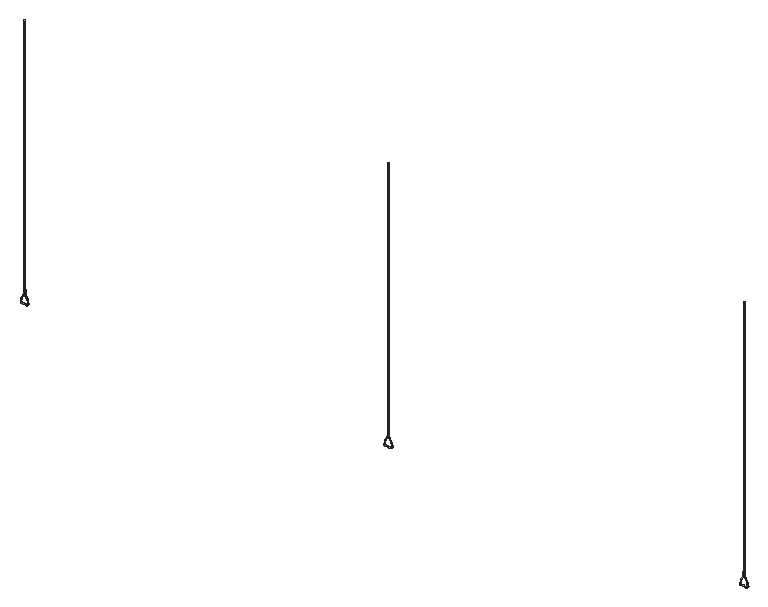
Revit family "Wire_Array-HunterDouglas-Cell-Frame", category Specialty Equipment, Revit 2013
Parameters (values of type "Parametric")
  ecoScorecard_data = "http://products.ecoscorecard.com/hunterdouglascontract/CCF"
  ecoScorecard Product Page = "http://hunterdouglascontract.ecoscorecard.com/product/CCF?base_search=product_category_A1035"
  Wire Offset [instance] = 4' - 0"
  Wire Hanger = Metal - Aluminum Frame - HunterDouglas - Painted White
  URL = "http://www.hunterdouglascontract.com/ceilings/index.jsp"
  Subcategory = "Metal – Cell Ceilings"  # constant formula
  Product Line = "Cell Frame"  # constant formula
  Overall Length [instance] = 8' - 0"
  Model = "Cell Frame Wire_Array"  # constant formula
  Manufacturer = "Hunter Douglas Luxalon Metal Ceilings"  # constant formula
  Description = "Wire_Array"  # constant formula
  Color Finishes = "http://www.hunterdouglascontract.com/ceilings/metalsystems/cellceiling/cellframe/index.jsp?t=colorPage"
  Assembly Code = "C3030200"
  95 CSI = "09510"  # constant formula
  04 CSI = "09 51 00"  # constant formula
  # of Wires [instance] = Overall Length / 4' 0"  # 2
Reference planes (in)
  plane 1 "Center (Front/Back)": y = 0
  plane 2: z = 9.58348
  plane 3 "Center (Left/Right)": x = 0
  plane 4: y = 60
  plane 5: x = -48
  plane 6: y = 48.9375
  plane 7: x = 0
  plane 8: x = -47.625
  plane 9: x = 48
  plane 10: y = 48.5625
  plane 11: z = 11.58348
  plane 12: y = 48.75
  plane 13: z = 11.11473
  plane 14: x = 47.8125
  plane 15: x = -47.15625
  plane 16: x = 0.84375
Dimensions and locks (in)
  locked: plane 6 to plane 10 at 0.375
  locked: plane 11 to level at 2
  equal spacing: plane 10, plane 12, plane 6
  equal spacing: plane 5, plane 3 "Center (Left/Right)", plane 9
  "Overall Length": plane 5 to plane 9
  locked: plane 14 to plane 9 at 0.1875
  plane 5 to plane 15 = 0' - 0 27/32"
  "Wire Offset": plane 15 to plane 16
  group 1 to group 2 = 4' - 0"
  group 1 to group 2 = 0' - 0"  (x2)
  aligned and locked: plane 2 to level
  aligned and locked: nested 1 to plane 12
  aligned and locked: nested 1 to plane 13
  aligned and locked: nested 2 to plane 12
  aligned and locked: nested 2 to plane 13
  aligned and locked: plane 14 to nested 1
  aligned and locked: plane 15 to nested 2
  aligned and locked: nested 3 to plane 16
  aligned and locked: nested 3 to plane 12
Nested families (in)
  nested 1: "Hanger_Wire-HunterDouglas-Cell-Frame" at (47.8125, 48.75, 8.67723), type "Parametric"
  nested 2: "Hanger_Wire-HunterDouglas-Cell-Frame" at (-47.15625, 48.75, 8.67723), type "Parametric"
  nested 3: "Hanger_Wire-HunterDouglas-Cell-Frame" at (0.84375, 48.75, 8.67723), type "Parametric"
Definition of nested family "Hanger_Wire-HunterDouglas-Cell-Frame"
  Parameters (values of type "Parametric")
    Material = Metal - Aluminum Frame - HunterDouglas - Painted White
    HangerWire Length = 3' - 0"
  Reference planes (in)
    plane 1 "Center (Front/Back)": y = 0
    plane 2: z = 0
    plane 3 "Center (Left/Right)": x = 0
    plane 4: x = -0.77248
    plane 5: x = 0.77248
    plane 6: z = 2.4375
    plane 7: z = 2.5
    plane 8: z = 36
  Forms (in)
    Sweep 1, solid, material "Metal - Aluminum Frame - HunterDouglas - Painted White" <- "Material", detail levels fine
      path origin (0, 0, 0) x (1, 0, 0) y (0, 0, 1)
        loop
          line (0.03125, 36) -> (0.03125, 3.70793) -> (0.38236, 3.14135)
          arc (0.38236, 3.14135) -> (0.44435, 3.01623) -> (0.48166, 2.88166) r 0.73777
          line (0.48166, 2.88166) -> (0.5376, 2.56649)
          arc (0.5376, 2.56649) -> (0.51364, 2.47677) -> (0.42949, 2.4375) r 0.1098
          line (0.42949, 2.4375) -> (-0.42976, 2.4375)
          arc (-0.42976, 2.4375) -> (-0.51374, 2.47669) -> (-0.53765, 2.56622) r 0.10957
          line (-0.53765, 2.56622) -> (-0.48246, 2.87715)
          arc (-0.48246, 2.87715) -> (-0.44395, 3.01607) -> (-0.37995, 3.14524) r 0.76163
          line (-0.37995, 3.14524) -> (-0.0384, 3.69638)
      profile origin (-0.00014, 0, 2.4375) x (0, 0, -1) y (0, -1, 0)
        loop
          circle (-0.03125, 0) r 0.03125
    Revolve 2, solid, material "Metal - Aluminum Frame - HunterDouglas - Painted White" <- "Material", detail levels fine
      sketch origin (-1.10243, 0, 0.17393) x (0.947216, 0, -0.320596) y (0.320596, 0, 0.947216)
        loop
          line (-0.19925, 4.08974) -> (-0.26999, 4.08974)
          arc (-0.26999, 4.08974) -> (-0.30124, 4.05849) -> (-0.26999, 4.02724) r 0.03125
          line (-0.26999, 4.02724) -> (-0.19925, 4.02724) -> (-0.19925, 4.08974)
        axis (-0.19925, 4.02724) -> (-0.19925, 4.08974)
      angle from 0 to 360
    Revolve 3, solid, material "Metal - Aluminum Frame - HunterDouglas - Painted White" <- "Material", detail levels fine
      sketch origin (-1.10243, 0, 0.1083) x (0.947216, 0, -0.320596) y (0.320596, 0, 0.947216)
        loop
          line (-0.19925, 4.08974) -> (-0.26999, 4.08974)
          arc (-0.26999, 4.08974) -> (-0.30124, 4.05849) -> (-0.26999, 4.02724) r 0.03125
          line (-0.26999, 4.02724) -> (-0.19925, 4.02724) -> (-0.19925, 4.08974)
        axis (-0.19925, 4.02724) -> (-0.19925, 4.08974)
      angle from 0 to 360
    Revolve 4, solid, material "Metal - Aluminum Frame - HunterDouglas - Painted White" <- "Material", detail levels fine
      sketch origin (-1.10243, 0, 0.04197) x (0.947216, 0, -0.320596) y (0.320596, 0, 0.947216)
        loop
          line (-0.19925, 4.08974) -> (-0.26999, 4.08974)
          arc (-0.26999, 4.08974) -> (-0.30124, 4.05849) -> (-0.26999, 4.02724) r 0.03125
          line (-0.26999, 4.02724) -> (-0.19925, 4.02724) -> (-0.19925, 4.08974)
        axis (-0.19925, 4.02724) -> (-0.19925, 4.08974)
      angle from 0 to 360
    Revolve 5, solid, material "Metal - Aluminum Frame - HunterDouglas - Painted White" <- "Material", detail levels fine
      sketch origin (-1.10243, 0, -0.02402) x (0.947216, 0, -0.320596) y (0.320596, 0, 0.947216)
        loop
          line (-0.19925, 4.08974) -> (-0.26999, 4.08974)
          arc (-0.26999, 4.08974) -> (-0.30124, 4.05849) -> (-0.26999, 4.02724) r 0.03125
          line (-0.26999, 4.02724) -> (-0.19925, 4.02724) -> (-0.19925, 4.08974)
        axis (-0.19925, 4.02724) -> (-0.19925, 4.08974)
      angle from 0 to 360
    Revolve 6, solid, material "Metal - Aluminum Frame - HunterDouglas - Painted White" <- "Material", detail levels fine
      sketch origin (-1.10243, 0, -0.09) x (0.947216, 0, -0.320596) y (0.320596, 0, 0.947216)
        loop
          line (-0.19925, 4.08974) -> (-0.26999, 4.08974)
          arc (-0.26999, 4.08974) -> (-0.30124, 4.05849) -> (-0.26999, 4.02724) r 0.03125
          line (-0.26999, 4.02724) -> (-0.19925, 4.02724) -> (-0.19925, 4.08974)
        axis (-0.19925, 4.02724) -> (-0.19925, 4.08974)
      angle from 0 to 360
    Revolve 7, solid, material "Metal - Aluminum Frame - HunterDouglas - Painted White" <- "Material", detail levels fine
      sketch origin (-1.10243, 0, -0.15751) x (0.947216, 0, -0.320596) y (0.320596, 0, 0.947216)
        loop
          line (-0.19925, 4.08974) -> (-0.26999, 4.08974)
          arc (-0.26999, 4.08974) -> (-0.30124, 4.05849) -> (-0.26999, 4.02724) r 0.03125
          line (-0.26999, 4.02724) -> (-0.19925, 4.02724) -> (-0.19925, 4.08974)
        axis (-0.19925, 4.02724) -> (-0.19925, 4.08974)
      angle from 0 to 360
  Cuts and joins
    joined: Sweep 1, Revolve 3, Revolve 5, Revolve 7
  Lines and regions (in)
    model lines, style "Wire", detail levels coarse+medium
      curve 1: line (0, 0, 36) -> (0, 0, 2.5)
    symbolic lines, style "Wire", detail levels fine
      curve 2: line (-0.50903, 0.03125, 0) -> (-0.08588, 0.03125, 0)
      curve 3: line (0.50903, -0.03126, 0) -> (0.10541, -0.03126, 0)
      curve 4: arc (0.50903, 0.03125, 0) -> (0.54029, 0, 0) -> (0.50903, -0.03126, 0) r 0.03125
      curve 5: arc (-0.50903, 0.03125, 0) -> (-0.54029, 0, 0) -> (-0.50903, -0.03126, 0) r 0.03125
      curve 6: circle (0.00977, 0, 0) r 0.10062 normal (0, 0, 1)
      curve 7: circle (0, 0, 0) r 0.03125 normal (0, 0, 1)
      curve 8: line (0.10541, 0.03125, 0) -> (0.50903, 0.03125, 0)
      curve 9: line (-0.08587, -0.03126, 0) -> (-0.50903, -0.03126, 0)
      curve 43: line (-0.03122, 0, 36) -> (0.03122, 0, 36)
      curve 44: line (0.03122, 0, 36) -> (0.03122, 0, 4.1081)
      curve 45: line (-0.04684, 0, 4.13498) -> (0.08788, 0, 4.08859)
      curve 46: line (-0.07537, 0, 4.07858) -> (0.06749, 0, 4.02939)
      curve 47: arc (0.08788, 0, 4.08859) -> (0.10729, 0, 4.0488) -> (0.06749, 0, 4.02939) r 0.03131
      curve 48: arc (-0.04684, 0, 4.13498) -> (-0.08569, 0, 4.11922) -> (-0.07537, 0, 4.07858) r 0.0319
      curve 49: arc (0.08788, 0, 4.02237) -> (0.10784, 0, 3.98437) -> (0.0711, 0, 3.96216) r 0.03131
      curve 50: arc (-0.04684, 0, 4.06876) -> (-0.08551, 0, 4.05335) -> (-0.07602, 0, 4.01282) r 0.0319
      curve 51: line (-0.07602, 0, 4.01282) -> (0.0711, 0, 3.96216)
      curve 52: arc (0.08788, 0, 3.95615) -> (0.10784, 0, 3.91815) -> (0.0711, 0, 3.89594) r 0.03131
      curve 53: arc (-0.04684, 0, 4.00254) -> (-0.08551, 0, 3.98713) -> (-0.07602, 0, 3.9466) r 0.0319
      curve 54: line (-0.07602, 0, 3.9466) -> (0.0711, 0, 3.89594)
      curve 55: arc (0.08788, 0, 3.88993) -> (0.10784, 0, 3.85193) -> (0.0711, 0, 3.82972) r 0.03131
      curve 56: arc (-0.04684, 0, 3.93632) -> (-0.08551, 0, 3.92091) -> (-0.07602, 0, 3.88038) r 0.0319
      curve 57: line (-0.07602, 0, 3.88038) -> (0.0711, 0, 3.82972)
      curve 58: arc (0.08788, 0, 3.82371) -> (0.10784, 0, 3.78571) -> (0.0711, 0, 3.7635) r 0.03131
      curve 59: arc (-0.04684, 0, 3.8701) -> (-0.08551, 0, 3.85469) -> (-0.07602, 0, 3.81416) r 0.0319
      curve 60: line (-0.07602, 0, 3.81416) -> (0.0711, 0, 3.7635)
      curve 61: arc (0.08788, 0, 3.75749) -> (0.10784, 0, 3.71949) -> (0.0711, 0, 3.69728) r 0.03131
      curve 62: arc (-0.04684, 0, 3.80388) -> (-0.08551, 0, 3.78847) -> (-0.07602, 0, 3.74794) r 0.0319
      curve 63: line (-0.07602, 0, 3.74794) -> (0.0711, 0, 3.69728)
      curve 64: line (-0.0384, 0, 3.69638) -> (-0.37724, 0, 3.14961)
      curve 65: line (-0.53854, 0, 2.57083) -> (-0.47845, 0, 2.89346)
      curve 66: arc (-0.47845, 0, 2.89346) -> (-0.43931, 0, 3.02606) -> (-0.37724, 0, 3.14961) r 0.77561
      curve 67: arc (-0.53854, 0, 2.57083) -> (-0.5193, 0, 2.48393) -> (-0.44337, 0, 2.4375) r 0.11373
      curve 68: line (0.08629, 0, 3.61911) -> (-0.0384, 0, 3.69638)
      curve 69: spline (-0.02925, 0, 3.69071) -> (-0.02601, 0, 3.69164) -> (-0.02149, 0, 3.69294) -> (-0.01593, 0, 3.69453) -> (-0.00958, 0, 3.69634) -> (-0.00276, 0, 3.69828) -> (0.00419, 0, 3.70026) -> (0.01093, 0, 3.70218) -> (0.01714, 0, 3.70394) -> (0.02251, 0, 3.70547) -> (0.02678, 0, 3.70667) -> (0.02974, 0, 3.70751) -> (0.03125, 0, 3.70793)
      curve 70: line (0, 0, 3.6397) -> (-0.32412, 0, 3.11669)
      curve 71: arc (-0.41709, 0, 2.88159) -> (-0.3811, 0, 3.00329) -> (-0.32412, 0, 3.11669) r 0.71311
      curve 72: line (-0.4771, 0, 2.55939) -> (-0.41709, 0, 2.88159)
      curve 73: arc (-0.4771, 0, 2.55939) -> (-0.46843, 0, 2.52024) -> (-0.43423, 0, 2.49933) r 0.05123
      curve 74: line (0.03122, 0, 36) -> (-0.03122, 0, 36)
      curve 75: line (-0.03122, 0, 36) -> (-0.03122, 0, 4.1296)
      curve 76: line (0.02882, 0, 3.71184) -> (0.37724, 0, 3.14961)
      curve 77: line (0.53854, 0, 2.57083) -> (0.47845, 0, 2.89346)
      curve 78: arc (0.47845, 0, 2.89346) -> (0.43931, 0, 3.02606) -> (0.37724, 0, 3.14961) r 0.77561
      curve 79: arc (0.53854, 0, 2.57083) -> (0.5193, 0, 2.48393) -> (0.44337, 0, 2.4375) r 0.11373
      curve 80: arc (0.4771, 0, 2.55939) -> (0.46843, 0, 2.52024) -> (0.43423, 0, 2.49933) r 0.05123
      curve 81: line (0.4771, 0, 2.55939) -> (0.41709, 0, 2.88159)
      curve 82: arc (0.41709, 0, 2.88159) -> (0.3811, 0, 3.00329) -> (0.32412, 0, 3.11669) r 0.71311
      curve 83: line (0, 0, 3.6397) -> (0.32412, 0, 3.11669)
      curve 84: line (-0.43423, 0, 2.49933) -> (0.43423, 0, 2.49933)
      curve 85: line (0.44337, 0, 2.4375) -> (-0.44337, 0, 2.4375)
      curve 86: line (-0.03122, 0, 3.73252) -> (-0.03122, 0, 3.69194)
    symbolic lines, style "Wire"
      curve 10: line (0, 0.03125, 36) -> (0, -0.03125, 36)
      curve 11: line (0, 0.03125, 2.46831) -> (0, 0.03125, 3.69854)
      curve 12: line (0, -0.03125, 36) -> (0, -0.03125, 4.05165)
      curve 13: arc (0, -0.08474, 4.0503) -> (0, -0.10167, 4.01557) -> (0, -0.08145, 3.98266) r 0.04011
      curve 14: arc (0, -0.08145, 3.98266) -> (0, -0.04212, 3.96692) -> (0, 0, 3.96236) r 0.15569
      curve 15: arc (0, 0.08474, 4.0503) -> (0, 0.10167, 4.01557) -> (0, 0.08145, 3.98266) r 0.04011
      curve 16: arc (0, 0.08145, 3.98266) -> (0, 0.04212, 3.96692) -> (0, 0, 3.96236) r 0.15569
      curve 17: arc (0, 0.03125, 4.05165) -> (0, 0, 4.04216) -> (0, -0.03125, 4.05165) r 0.05621
      curve 18: arc (0, -0.08169, 3.9828) -> (0, -0.10172, 3.94794) -> (0, -0.08145, 3.91321) r 0.04011
      curve 19: arc (0, -0.08145, 3.91321) -> (0, -0.04212, 3.89747) -> (0, 0, 3.89291) r 0.15569
      curve 20: arc (0, 0.08169, 3.9828) -> (0, 0.10172, 3.94794) -> (0, 0.08145, 3.91321) r 0.04011
      curve 21: arc (0, 0.08145, 3.91321) -> (0, 0.04212, 3.89747) -> (0, 0, 3.89291) r 0.15569
      curve 22: arc (0, -0.08474, 3.91531) -> (0, -0.10167, 3.88058) -> (0, -0.08145, 3.84767) r 0.04011
      curve 23: arc (0, -0.08145, 3.84767) -> (0, -0.04212, 3.83193) -> (0, 0, 3.82736) r 0.15569
      curve 24: arc (0, 0.08474, 3.91531) -> (0, 0.10167, 3.88058) -> (0, 0.08145, 3.84767) r 0.04011
      curve 25: arc (0, 0.08145, 3.84767) -> (0, 0.04212, 3.83193) -> (0, 0, 3.82736) r 0.15569
      curve 26: arc (0, -0.08474, 3.84977) -> (0, -0.10167, 3.81504) -> (0, -0.08145, 3.78213) r 0.04011
      curve 27: arc (0, -0.08145, 3.78213) -> (0, -0.04212, 3.76638) -> (0, 0, 3.76182) r 0.15569
      curve 28: arc (0, 0.08474, 3.84977) -> (0, 0.10167, 3.81504) -> (0, 0.08145, 3.78213) r 0.04011
      curve 29: arc (0, 0.08145, 3.78213) -> (0, 0.04212, 3.76638) -> (0, 0, 3.76182) r 0.15569
      curve 30: arc (0, -0.08474, 3.78422) -> (0, -0.10167, 3.7495) -> (0, -0.08145, 3.71659) r 0.04011
      curve 31: arc (0, -0.08145, 3.71659) -> (0, -0.04212, 3.70084) -> (0, 0, 3.69628) r 0.15569
      curve 32: arc (0, 0.08474, 3.78422) -> (0, 0.10167, 3.7495) -> (0, 0.08145, 3.71659) r 0.04011
      curve 33: arc (0, 0.08145, 3.71659) -> (0, 0.04212, 3.70084) -> (0, 0, 3.69628) r 0.15569
      curve 34: line (0, 0.03125, 4.05165) -> (0, 0.03125, 36)
      curve 35: line (0, -0.03125, 3.69854) -> (0, -0.03125, 2.46831)
      curve 36: arc (0, -0.03125, 2.46831) -> (0, 0, 2.43706) -> (0, 0.03125, 2.46831) r 0.03125
      curve 37: arc (0, -0.08474, 4.11584) -> (0, -0.10167, 4.08112) -> (0, -0.08145, 4.0482) r 0.04011
      curve 38: arc (0, -0.08145, 4.0482) -> (0, -0.04212, 4.03246) -> (0, 0, 4.0279) r 0.15569
      curve 39: arc (0, 0.08474, 4.11584) -> (0, 0.10167, 4.08112) -> (0, 0.08145, 4.0482) r 0.04011
      curve 40: arc (0, 0.08145, 4.0482) -> (0, 0.04212, 4.03246) -> (0, 0, 4.0279) r 0.15569
      curve 41: arc (0, -0.08474, 4.11584) -> (0, -0.05931, 4.12919) -> (0, -0.03125, 4.13531) r 0.10721
      curve 42: arc (0, 0.08474, 4.11584) -> (0, 0.05931, 4.12919) -> (0, 0.03125, 4.13531) r 0.10721
  Dimensions and locks (in)
    equal spacing: plane 4, plane 3 "Center (Left/Right)", plane 5
    plane 4 to plane 5 = 0' - 1.54495"
    locked: plane 6 to plane 7 at 0.0625
    locked: plane 6 to level at 2.4375
    "HangerWire Length": plane 8 to level
    aligned and locked: level to plane 2
    aligned and locked: Sweep 1 sketch curve to plane 6
    aligned and locked: plane 8 to Sweep 1 sketch curve
    aligned and locked: curve 1 to plane 3 "Center (Left/Right)"
    aligned and locked: plane 7 to curve 1
    aligned and locked: plane 8 to curve 1
    aligned and locked: curve 7 to cut or joined group of Sweep 1, Revolve 3, Revolve 5, Revolve 7
    aligned and locked: curve 68 to cut or joined group of Sweep 1, Revolve 3, Revolve 5, Revolve 7
  Automatic sketch dimensions
    Sweep 1 sketch curve to plane 1 "Center (Front/Back)" = 0' - 0"
    profile plane to Sweep 1 sketch curve = 0' - 0 1/32"
    Revolve 2 sketch curve to plane 3 "Center (Left/Right)" = 0' - 0.06706"
    Revolve 2 sketch curve to Revolve 2 sketch curve = 0' - 0.07074"
    Revolve 2 sketch curve to Revolve 2 sketch curve = 0' - 0"  (x2)
    Revolve 2 sketch curve to Revolve 2 sketch curve = 0' - 0 1/32"
    Revolve 2 sketch curve to Revolve 2 sketch curve = 0' - 0.02781"
    Revolve 3 sketch curve to plane 3 "Center (Left/Right)" = 0' - 0.06706"
    Revolve 3 sketch curve to Revolve 3 sketch curve = 0' - 0.07074"
    Revolve 3 sketch curve to Revolve 3 sketch curve = 0' - 0"  (x2)
    Revolve 3 sketch curve to Revolve 3 sketch curve = 0' - 0 1/32"
    Revolve 3 sketch curve to Revolve 3 sketch curve = 0' - 0.02781"
    Revolve 4 sketch curve to plane 3 "Center (Left/Right)" = 0' - 0.06706"
    Revolve 4 sketch curve to Revolve 4 sketch curve = 0' - 0.07074"
    Revolve 4 sketch curve to Revolve 4 sketch curve = 0' - 0"  (x2)
    Revolve 4 sketch curve to Revolve 4 sketch curve = 0' - 0 1/32"
    Revolve 4 sketch curve to Revolve 4 sketch curve = 0' - 0.02781"
    Revolve 5 sketch curve to plane 3 "Center (Left/Right)" = 0' - 0.06706"
    Revolve 5 sketch curve to Revolve 5 sketch curve = 0' - 0.07074"
    Revolve 5 sketch curve to Revolve 5 sketch curve = 0' - 0"  (x2)
    Revolve 5 sketch curve to Revolve 5 sketch curve = 0' - 0 1/32"
    Revolve 5 sketch curve to Revolve 5 sketch curve = 0' - 0.02781"
    Revolve 6 sketch curve to plane 3 "Center (Left/Right)" = 0' - 0.06706"
    Revolve 6 sketch curve to Revolve 6 sketch curve = 0' - 0.07074"
    Revolve 6 sketch curve to Revolve 6 sketch curve = 0' - 0"  (x2)
    Revolve 6 sketch curve to Revolve 6 sketch curve = 0' - 0 1/32"
    Revolve 6 sketch curve to Revolve 6 sketch curve = 0' - 0.02781"
    Revolve 7 sketch curve to plane 3 "Center (Left/Right)" = 0' - 0.06706"
    Revolve 7 sketch curve to Revolve 7 sketch curve = 0' - 0.07074"
    Revolve 7 sketch curve to Revolve 7 sketch curve = 0' - 0"  (x2)
    Revolve 7 sketch curve to Revolve 7 sketch curve = 0' - 0 1/32"
    Revolve 7 sketch curve to Revolve 7 sketch curve = 0' - 0.02781"
    plane 7 to Sweep 1 sketch curve = 0' - 0.06622"
    Sweep 1 sketch curve to plane 4 = 0' - 0.23483"
    Sweep 1 sketch curve to plane 4 = 0' - 0.29002"
    Sweep 1 sketch curve to Sweep 1 sketch curve = 0' - 0.10788"
    Sweep 1 sketch curve to Sweep 1 sketch curve = 0' - 0.10251"
    Sweep 1 sketch curve to plane 3 "Center (Left/Right)" = 0' - 0.24476"
    Sweep 1 sketch curve to plane 3 "Center (Left/Right)" = 0' - 0.0384"
    plane 3 "Center (Left/Right)" to Sweep 1 sketch curve = 0' - 0 1/32"
    plane 3 "Center (Left/Right)" to Sweep 1 sketch curve = 0' - 0.26745"
    plane 3 "Center (Left/Right)" to Sweep 1 sketch curve = 0' - 0.38236"
    Sweep 1 sketch curve to plane 5 = 0' - 0.34298"
    Sweep 1 sketch curve to Sweep 1 sketch curve = 0' - 0.21421"
    plane 7 to Sweep 1 sketch curve = 0' - 0.06649"
    Sweep 1 sketch curve to Sweep 1 sketch curve = 0' - 0.10811"
    plane 7 to Sweep 1 sketch curve = 0' - 0.24405"
    plane 7 to Sweep 1 sketch curve = 0' - 0.25273"
    Sweep 1 sketch curve to Sweep 1 sketch curve = 0' - 0.12442"
    Sweep 1 sketch curve to Sweep 1 sketch curve = 0' - 0.13761"
    Sweep 1 sketch curve to Sweep 1 sketch curve = 0' - 0.55114"
    Sweep 1 sketch curve to Sweep 1 sketch curve = 0' - 0.01154"
    plane 7 to Revolve 2 sketch curve = 0' - 1.57516"
    plane 7 to Revolve 3 sketch curve = 0' - 1.50953"
    plane 7 to Revolve 4 sketch curve = 0' - 1.44319"
    plane 7 to Revolve 5 sketch curve = 0' - 1.37721"
    plane 7 to Revolve 6 sketch curve = 0' - 1.31123"
    plane 7 to Revolve 7 sketch curve = 0' - 1.24371"
    plane 1 "Center (Front/Back)" to curve 6 = 0' - 0"
    curve 2 to plane 1 "Center (Front/Back)" = 0' - 0 1/32"
    curve 2 to plane 4 = 0' - 0.26344"
    plane 3 "Center (Left/Right)" to curve 6 = 0' - 0.00977"
    plane 1 "Center (Front/Back)" to curve 3 = 0' - 0 1/32"
    curve 3 to plane 5 = 0' - 0.26344"
    plane 3 "Center (Left/Right)" to curve 8 = 0' - 0.10541"
    plane 1 "Center (Front/Back)" to curve 4 = 0' - 0"
    plane 1 "Center (Front/Back)" to curve 5 = 0' - 0 1/32"
    curve 12 to plane 8 = 0' - 0"
    curve 17 to plane 1 "Center (Front/Back)" = 0' - 0"
    curve 25 to plane 1 "Center (Front/Back)" = 0' - 0"
    curve 21 to plane 1 "Center (Front/Back)" = 0' - 0"
    curve 33 to plane 1 "Center (Front/Back)" = 0' - 0"
    curve 38 to plane 1 "Center (Front/Back)" = 0' - 0"
    curve 36 to plane 1 "Center (Front/Back)" = 0' - 0"
    curve 14 to plane 1 "Center (Front/Back)" = 0' - 0"
    curve 27 to plane 1 "Center (Front/Back)" = 0' - 0"
    plane 1 "Center (Front/Back)" to curve 19 = 0' - 0.00445"
    plane 1 "Center (Front/Back)" to curve 23 = 0' - 0.00445"
    plane 1 "Center (Front/Back)" to curve 14 = 0' - 0.00445"
    plane 1 "Center (Front/Back)" to curve 27 = 0' - 0.00445"
    plane 1 "Center (Front/Back)" to curve 38 = 0' - 0.00445"
    plane 1 "Center (Front/Back)" to curve 31 = 0' - 0.00445"
    plane 1 "Center (Front/Back)" to curve 41 = 0' - 0.02264"
    plane 1 "Center (Front/Back)" to curve 10 = 0' - 0 1/32"
    curve 36 to curve 36 = 0' - 0 1/32"
    curve 30 to curve 35 = 0' - 0.03036"
    plane 1 "Center (Front/Back)" to curve 26 = 0' - 0.06161"
    curve 13 to curve 41 = 0' - 0.03896"
    plane 1 "Center (Front/Back)" to curve 22 = 0' - 0.06161"
    curve 27 to curve 30 = 0' - 0.01984"
    curve 18 to curve 22 = 0' - 0.01984"
    curve 30 to curve 30 = 0' - 0.01984"
    curve 26 to curve 27 = 0' - 0"
    curve 38 to curve 13 = 0' - 0.01984"
    curve 37 to curve 38 = 0' - 0"
    curve 19 to curve 18 = 0' - 0"
    curve 31 to curve 30 = 0' - 0"
    curve 22 to curve 26 = 0' - 0.01984"
    curve 13 to curve 18 = 0' - 0.01984"
    curve 14 to curve 13 = 0' - 0"
    curve 23 to curve 22 = 0' - 0"
    curve 18 to curve 13 = 0' - 0.00025"
    curve 30 to curve 26 = 0' - 0.0033"
    curve 13 to curve 38 = 0' - 0.0033"
    curve 22 to curve 19 = 0' - 0.0033"
    curve 41 to curve 37 = 0' - 0.02313"
    curve 26 to curve 22 = 0' - 0.0033"
    curve 25 to plane 1 "Center (Front/Back)" = 0' - 0.00445"
    curve 29 to plane 1 "Center (Front/Back)" = 0' - 0.00445"
    curve 40 to plane 1 "Center (Front/Back)" = 0' - 0.00445"
    curve 16 to plane 1 "Center (Front/Back)" = 0' - 0.00445"
    curve 33 to plane 1 "Center (Front/Back)" = 0' - 0.00445"
    curve 21 to plane 1 "Center (Front/Back)" = 0' - 0.00445"
    curve 42 to plane 1 "Center (Front/Back)" = 0' - 0.02264"
    curve 10 to plane 1 "Center (Front/Back)" = 0' - 0 1/32"
    curve 24 to plane 1 "Center (Front/Back)" = 0' - 0.06161"
    curve 42 to curve 15 = 0' - 0.03896"
    curve 11 to curve 32 = 0' - 0.03036"
    curve 28 to plane 1 "Center (Front/Back)" = 0' - 0.06161"
    curve 20 to curve 16 = 0' - 0.01984"
    curve 32 to curve 28 = 0' - 0.01984"
    curve 28 to curve 25 = 0' - 0.01984"
    curve 24 to curve 25 = 0' - 0"
    curve 29 to curve 28 = 0' - 0"
    curve 32 to curve 32 = 0' - 0.01984"
    curve 24 to curve 21 = 0' - 0.01984"
    curve 20 to curve 21 = 0' - 0"
    curve 15 to curve 16 = 0' - 0"
    curve 15 to curve 40 = 0' - 0.01984"
    curve 39 to curve 40 = 0' - 0"
    curve 33 to curve 32 = 0' - 0"
    curve 16 to curve 20 = 0' - 0.00025"
    curve 39 to curve 39 = 0' - 0.02313"
    curve 28 to curve 32 = 0' - 0.0033"
    curve 25 to curve 28 = 0' - 0.0033"
    curve 20 to curve 24 = 0' - 0.0033"
    plane 7 to curve 40 = 0' - 1.68352"
    curve 38 to curve 40 = 0' - 0"
    curve 42 to curve 40 = 0' - 0.04821"
    curve 41 to curve 38 = 0' - 0.04821"
    curve 41 to curve 41 = 0' - 0.01947"
    curve 14 to curve 41 = 0' - 0.01733"
    curve 14 to curve 16 = 0' - 0"
    curve 17 to curve 14 = 0' - 0.01961"
    curve 38 to curve 21 = 0' - 0.02063"
    curve 19 to curve 21 = 0' - 0"
    curve 16 to curve 25 = 0' - 0.02063"
    curve 23 to curve 25 = 0' - 0"
    curve 16 to curve 20 = 0' - 0.00014"
    curve 19 to curve 29 = 0' - 0.02454"
    curve 27 to curve 29 = 0' - 0"
    curve 20 to curve 24 = 0' - 0.00209"
    curve 25 to curve 33 = 0' - 0.02454"
    curve 31 to curve 33 = 0' - 0"
    curve 22 to curve 26 = 0' - 0.00209"
    curve 28 to curve 32 = 0' - 0.00209"
    curve 36 to plane 6 = 0' - 0.03081"
    curve 37 to curve 41 = 0' - 0.05349"
    curve 18 to curve 13 = 0' - 0.02008"
    curve 39 to curve 39 = 0' - 0.01984"
    curve 20 to curve 24 = 0' - 0.02313"
    curve 39 to curve 15 = 0' - 0.0033"
    curve 31 to curve 38 = 0' - 0.33162"
    curve 41 to curve 12 = 0' - 0.0232"
    curve 66 to curve 71 = 0' - 0"  (x2)
    curve 67 to curve 73 = 0' - 0"  (x2)
    curve 78 to curve 82 = 0' - 0"  (x2)
    curve 79 to curve 80 = 0' - 0"  (x2)
    curve 67 to plane 6 = 0' - 0"
    curve 74 to plane 8 = 0' - 0"
    curve 83 to plane 3 "Center (Left/Right)" = 0' - 0"
    curve 69 to plane 3 "Center (Left/Right)" = 0' - 0.02925"
    curve 86 to curve 69 = 0' - 0.00197"
    curve 75 to plane 3 "Center (Left/Right)" = 0' - 0.03122"
    curve 69 to curve 86 = 0' - 0.00021"
    curve 64 to curve 86 = 0' - 0.00718"
    curve 62 to plane 3 "Center (Left/Right)" = 0' - 0.04684"
    curve 48 to curve 75 = 0' - 0 1/64"
    curve 59 to plane 3 "Center (Left/Right)" = 0' - 0.04684"
    curve 53 to plane 3 "Center (Left/Right)" = 0' - 0.04684"
    curve 56 to plane 3 "Center (Left/Right)" = 0' - 0.04684"
    curve 50 to plane 3 "Center (Left/Right)" = 0' - 0.04684"
    curve 59 to curve 59 = 0' - 0.01039"
    curve 50 to curve 50 = 0' - 0.01039"
    curve 48 to curve 48 = 0' - 0.01039"
    curve 62 to curve 62 = 0' - 0.01039"
    curve 56 to curve 56 = 0' - 0.01039"
    curve 53 to curve 53 = 0' - 0.01039"
    curve 46 to curve 50 = 0' - 0.02853"
    curve 59 to curve 62 = 0' - 0.02918"
    curve 54 to curve 56 = 0' - 0.02918"
    curve 63 to curve 62 = 0' - 0.01879"
    curve 56 to curve 59 = 0' - 0.02918"
    curve 50 to curve 53 = 0' - 0.02918"
    curve 70 to plane 3 "Center (Left/Right)" = 0' - 0.32412"
    curve 64 to curve 71 = 0' - 0.05313"
    curve 71 to curve 78 = 0' - 0.13505"
    plane 7 to curve 73 = 0' - 0.05001"
    curve 73 to curve 78 = 0' - 0.14469"
    curve 73 to plane 7 = 0' - 0.00067"
    curve 73 to curve 67 = 0' - 0.0075"
    curve 85 to curve 84 = 0' - 0.00915"
    curve 73 to curve 67 = 0' - 0.05037"
    curve 65 to curve 71 = 0' - 0.06136"
    plane 7 to curve 65 = 0' - 0.07083"
    plane 3 "Center (Left/Right)" to curve 69 = 0' - 0"
    plane 3 "Center (Left/Right)" to curve 76 = 0' - 0.02882"
    plane 3 "Center (Left/Right)" to curve 43 = 0' - 0.03122"
    curve 76 to curve 69 = 0' - 0.00243"
    plane 3 "Center (Left/Right)" to curve 47 = 0' - 0.06749"
    curve 69 to curve 63 = 0' - 0.03985"
    curve 58 to curve 63 = 0' - 0"
    curve 47 to curve 49 = 0' - 0.00361"
    curve 55 to curve 60 = 0' - 0"
    curve 51 to curve 54 = 0' - 0"
    curve 63 to curve 61 = 0' - 0.00658"
    curve 57 to curve 55 = 0' - 0.00658"
    curve 46 to curve 47 = 0' - 0.01019"
    curve 49 to curve 49 = 0' - 0.00658"
    curve 60 to curve 58 = 0' - 0.00658"
    curve 54 to curve 52 = 0' - 0.00658"
    curve 61 to curve 68 = 0' - 0.01519"
    curve 47 to curve 49 = 0' - 0.02038"
    curve 58 to curve 61 = 0' - 0.01678"
    curve 51 to curve 52 = 0' - 0.01678"
    curve 55 to curve 58 = 0' - 0.01678"
    curve 47 to curve 47 = 0' - 0.01019"
    curve 52 to curve 55 = 0' - 0.01678"
    plane 3 "Center (Left/Right)" to curve 71 = 0' - 0.28204"
    plane 3 "Center (Left/Right)" to curve 83 = 0' - 0.32412"
    curve 83 to curve 76 = 0' - 0.05313"
    curve 66 to curve 81 = 0' - 0.13505"
    plane 7 to curve 80 = 0' - 0.05001"
    curve 66 to curve 80 = 0' - 0.14469"
    curve 79 to curve 80 = 0' - 0.0075"
    curve 84 to curve 79 = 0' - 0.00915"
    curve 79 to curve 80 = 0' - 0.05037"
    curve 81 to curve 78 = 0' - 0.06136"
    curve 80 to curve 79 = 0' - 0.06144"
    curve 79 to curve 71 = 0' - 0.19104"
    curve 67 to curve 82 = 0' - 0.19104"
    curve 66 to curve 81 = 0' - 0.14054"
    curve 71 to curve 65 = 0' - 0.01187"
    curve 81 to curve 78 = 0' - 0.01187"
    curve 83 to curve 69 = 0' - 0.05101"
    curve 69 to curve 86 = 0' - 0.00186"
    curve 63 to curve 69 = 0' - 0.01064"
    curve 63 to curve 61 = 0' - 0.03061"
    curve 64 to curve 86 = 0' - 0.03613"
    curve 61 to curve 58 = 0' - 0.00601"
    curve 62 to curve 62 = 0' - 0.02577"
    curve 60 to curve 58 = 0' - 0.03061"
    curve 62 to curve 60 = 0' - 0.01028"
    curve 58 to curve 57 = 0' - 0.00601"
    curve 60 to curve 59 = 0' - 0.02577"
    curve 57 to curve 55 = 0' - 0.03061"
    curve 59 to curve 57 = 0' - 0.01028"
    curve 55 to curve 54 = 0' - 0.00601"
    curve 56 to curve 56 = 0' - 0.02577"
    curve 54 to curve 52 = 0' - 0.03061"
    curve 56 to curve 53 = 0' - 0.01028"
    curve 52 to curve 49 = 0' - 0.00601"
    curve 53 to curve 53 = 0' - 0.02577"
    curve 49 to curve 49 = 0' - 0.03061"
    curve 53 to curve 51 = 0' - 0.01028"
    curve 49 to curve 47 = 0' - 0.00702"
    curve 51 to curve 50 = 0' - 0.02577"
    curve 46 to curve 47 = 0' - 0.0296"
    curve 46 to curve 48 = 0' - 0.02623"
    radius of Sweep 1 sketch curve = 0' - 0 1/32"
